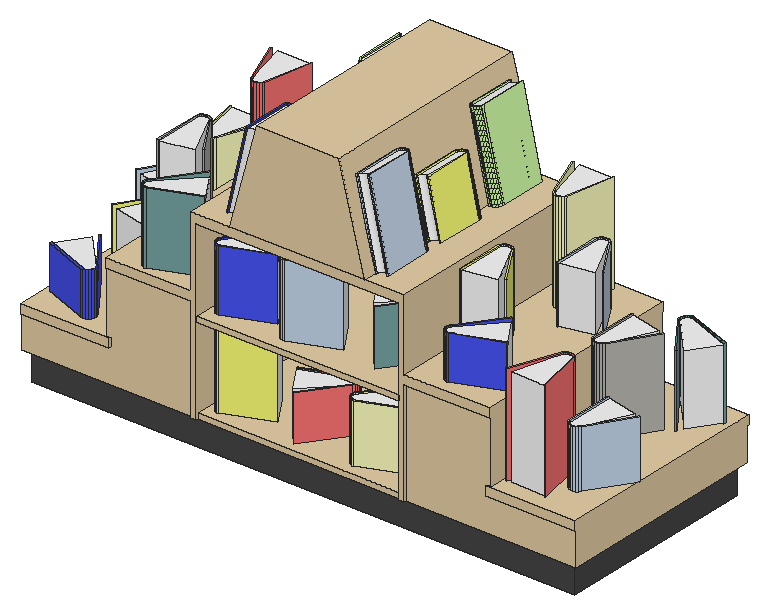
Revit family
Parameters
  Depth = 2' - 0"
  Height = 3' - 0"
  Width = 2' - 6"
  Bookcase Construction = Wood - Pine
  Baseboard = Baseboard
Reference planes (in)
  plane 1: z = 0
  plane 2 "Center (Left/Right)": x = -1.2623
  plane 3 "Left": x = -23.2623
  plane 4 "Right": x = 20.7377
  plane 5 "Front": y = -6
  plane 6 "Top": z = 36
  plane 7: y = 9
  plane 8: y = -21
  plane 9: through (-10.7623, -180, 30) normal (-0.9659, 0, 0.2588)
  plane 10: through (8.2377, -180, 30) normal (-0.9659, 0, -0.2588)
  plane 11: z = 17.125
  plane 12: z = 4.75
Forms (in)
  Extrusion 1, solid, material "Wood - Pine" <- "Bookcase Construction"
    sketch origin (0, -6, 0) x (1, 0, 0) y (0, 0, 1)
      loop
        line (-40.2623, 0) -> (37.7377, 0) -> (37.7377, 10) -> (25.7377, 10) -> (25.7377, 20) -> (13.7377, 20) -> (13.7377, 30) -> (-16.2623, 30) -> (-16.2623, 20) -> (-28.2623, 20) -> (-28.2623, 10) -> (-40.2623, 10) -> (-40.2623, 0)
    from -15 to 15
  Extrusion 2, void
    sketch origin (0, -21, 0) x (1, 0, 0) y (0, 0, 1)
      loop
        line (-15.5123, 28.75) -> (-15.5123, 4.75) -> (12.9877, 4.75) -> (12.9877, 28.75) -> (-15.5123, 28.75)
    from 0 to -30
  Sweep 3, void
    path origin (-37.2623, -6, 0) x (0, -1, 0) y (1, 0, 0)
      loop
        line (-15, 75) -> (-15, -3) -> (15, -3) -> (15, 75) -> (-15, 75)
    profile origin (37.7377, -6, 0) x (1, 0, 0) y (0, 0, 1)
      loop
        line (0, 0) -> (0, 4) -> (-1, 4) -> (-1, 0) -> (0, 0)
  Sweep 4, solid, material "Baseboard" <- "Baseboard"
    path origin (-37.2623, -6, 0) x (0, -1, 0) y (1, 0, 0)
      loop
        line (14, -2) -> (14, 74) -> (-14, 74) -> (-14, -2) -> (14, -2)
    profile origin (-39.2623, -6, 0) x (-1, 0, 0) y (0, 0, 1)
      loop
        line (0, 0) -> (0.25, 0) -> (0.25, 4) -> (0, 4) -> (0, 0)
  Extrusion 5, solid, material "Wood - Pine" <- "Bookcase Construction"
    sketch origin (0, -21, 0) x (1, 0, 0) y (0, 0, 1)
      loop
        line (-15.5123, 28.75) -> (12.9877, 28.75) -> (12.9877, 4) -> (13.7377, 4) -> (13.7377, 18.75) -> (25.7377, 18.75) -> (25.7377, 20) -> (13.7377, 20) -> (13.7377, 30) -> (-16.2623, 30) -> (-16.2623, 20) -> (-28.2623, 20) -> (-28.2623, 18.75) -> (-16.2623, 18.75) -> (-16.2623, 4) -> (-15.5123, 4) -> (-15.5123, 28.75)
      loop
        line (-40.2623, 10) -> (-40.2623, 8.75) -> (-27.7623, 8.75) -> (-27.7623, 10) -> (-40.2623, 10)
      loop
        line (37.7377, 10) -> (25.2377, 10) -> (25.2377, 8.75) -> (37.7377, 8.75) -> (37.7377, 10)
    from 0 to 0.25
  Extrusion 6, solid, material "Wood - Pine" <- "Bookcase Construction"
    sketch origin (0, 9, 0) x (1, 0, 0) y (0, 0, -1)
      loop
        line (-15.5123, -28.75) -> (-15.5123, -4) -> (-16.2623, -4) -> (-16.2623, -18.75) -> (-28.2623, -18.75) -> (-28.2623, -20) -> (-16.2623, -20) -> (-16.2623, -30) -> (13.7377, -30) -> (13.7377, -20) -> (25.7377, -20) -> (25.7377, -18.75) -> (13.7377, -18.75) -> (13.7377, -4) -> (12.9877, -4) -> (12.9877, -28.75) -> (-15.5123, -28.75)
      loop
        line (-40.2623, -10) -> (-27.7623, -10) -> (-27.7623, -8.75) -> (-40.2623, -8.75) -> (-40.2623, -10)
      loop
        line (37.7377, -10) -> (37.7377, -8.75) -> (25.2377, -8.75) -> (25.2377, -10) -> (37.7377, -10)
    from 0 to 0.25
  Extrusion 7, solid, material "Wood - Pine"
    sketch origin (0, -21, 0) x (1, 0, 0) y (0, 0, 1)
      loop
        line (-15.5123, 16.375) -> (12.9877, 16.375) -> (12.9877, 17.125) -> (-15.5123, 17.125) -> (-15.5123, 16.375)
    from -30.25 to 0.25
  Extrusion 8, solid, material "Wood - Pine"
    sketch origin (0, -21, 18) x (1, 0, 0) y (0, 0, 1)
      loop
        line (-7.01101, 26) -> (-10.7623, 12) -> (8.2377, 12) -> (4.48642, 26) -> (-7.01101, 26)
    from -30.25 to 0.25
Cuts and joins
  Extrusion 2, Sweep 3 cuts Extrusion 1
  joined: Extrusion 1, Extrusion 5, Extrusion 6
Dimensions and locks (in)
  equal spacing: plane 3 "Left", plane 2 "Center (Left/Right)", plane 4 "Right"
  "Height": level to plane 6 "Top"
  "Width": plane 7 to plane 8
  equal spacing: plane 7, plane 5 "Front", plane 8
  aligned and locked: plane 7 to Extrusion 1
  aligned and locked: plane 8 to Extrusion 1
  aligned and locked: cut or joined group of Extrusion 1, Extrusion 2, Sweep 3, Extrusion 5, Extrusion 6 to Extrusion 7  (x2)
Automatic sketch dimensions
  Extrusion 1 sketch curve to level = 0' - 0"
  plane 3 "Left" to Extrusion 1 sketch curve = 1' - 5"
  plane 3 "Left" to Extrusion 1 sketch curve = 0' - 5"
  Extrusion 1 sketch curve to plane 3 "Left" = 0' - 7"
  plane 4 "Right" to Extrusion 1 sketch curve = 0' - 7"
  Extrusion 1 sketch curve to plane 4 "Right" = 0' - 5"
  Extrusion 1 sketch curve to Extrusion 1 sketch curve = 1' - 0"
  Extrusion 1 sketch curve to Extrusion 1 sketch curve = 0' - 10"  (x3)
  level to Extrusion 1 sketch curve = 0' - 10"
  plane 6 "Top" to Extrusion 1 sketch curve = 0' - 6"
  Extrusion 2 sketch curve to Extrusion 1 = 0' - 0 3/4"  (x2)
  Extrusion 2 sketch curve to Extrusion 1 = 0' - 4 3/4"
  Extrusion 2 sketch curve to Extrusion 1 = 0' - 1 1/4"
  Sweep 3 sketch curve to Extrusion 1 = 0' - 0"  (x4)
  Sweep 3 sketch curve to profile plane = 0' - 0"  (x2)
  profile plane to Sweep 3 sketch curve = 0' - 1"
  profile plane to Sweep 3 sketch curve = 0' - 4"
  Sweep 4 sketch curve to Extrusion 1 = 0' - 1"  (x4)
  Sweep 4 sketch curve to profile plane = 0' - 0"  (x2)
  Sweep 4 sketch curve to profile plane = 0' - 0 1/4"
  profile plane to Sweep 4 sketch curve = 0' - 4"
  Extrusion 5 sketch curve to Extrusion 1 = 0' - 0"  (x13)
  Extrusion 5 sketch curve to Extrusion 1 = 0' - 0 1/2"  (x2)
  Extrusion 5 sketch curve to Extrusion 1 = 0' - 0 3/4"  (x2)
  Extrusion 5 sketch curve to Extrusion 5 sketch curve = 0' - 1 1/4"  (x4)
  Extrusion 5 sketch curve to Extrusion 1 = 0' - 4"  (x2)
  Extrusion 5 sketch curve to Extrusion 1 = 0' - 1 1/4"
  plane 3 "Left" to Extrusion 6 sketch curve = 1' - 5"
  plane 3 "Left" to Extrusion 6 sketch curve = 0' - 5"
  plane 3 "Left" to Extrusion 6 sketch curve = 0' - 4 1/2"
  Extrusion 6 sketch curve to plane 3 "Left" = 0' - 7"
  Extrusion 6 sketch curve to Extrusion 6 sketch curve = 0' - 0"
  Extrusion 6 sketch curve to Extrusion 6 sketch curve = 0' - 0 3/4"  (x3)
  plane 4 "Right" to Extrusion 6 sketch curve = 0' - 7 3/4"
  Extrusion 6 sketch curve to plane 4 "Right" = 0' - 4 1/2"
  Extrusion 6 sketch curve to plane 4 "Right" = 0' - 5"
  Extrusion 6 sketch curve to Extrusion 6 sketch curve = 1' - 0 1/2"
  plane 6 "Top" to Extrusion 6 sketch curve = 0' - 6"
  Extrusion 6 sketch curve to Extrusion 6 sketch curve = 0' - 1 1/4"  (x5)
  Extrusion 6 sketch curve to Extrusion 6 sketch curve = 0' - 8 3/4"  (x3)
  level to Extrusion 6 sketch curve = 0' - 10"
  level to Extrusion 6 sketch curve = 0' - 4"  (x2)
  Extrusion 7 sketch curve to Extrusion 1 = 0' - 0 3/4"  (x2)
  Extrusion 7 sketch curve to Extrusion 1 = 0' - 3 5/8"
  Extrusion 7 sketch curve to Extrusion 7 sketch curve = 0' - 0 3/4"
  Extrusion 8 sketch curve to Extrusion 1 = 0' - 0"
  Extrusion 8 sketch curve to Extrusion 1 = 0' - 5 1/2"  (x2)
  Extrusion 8 sketch curve to Extrusion 1 = 0' - 9.25129"  (x2)
  Extrusion 1 to Extrusion 8 sketch curve = 1' - 2"
Nested families (in)
  nested 1: "NT Book-Open" at (29.56431, -11.77935, 10) x (-0.0752, 0.9972, 0) z (0, 0, 1), type "NT Book-Open"
    with Book Height 1' - 2", Book Cover Book Cover 6
  nested 2: "NT Book-Open" at (27.89313, -5.49147, 10) x (-0.1219, -0.9925, 0) z (0, 0, 1), type "NT Book-Open"
    with Book Height 1' - 0", Book Cover Book Cover 3
  nested 3: "NT Book-Open" at (29.61716, 8.02244, 10) x (-0.8841, 0.4674, 0) z (0, 0, 1), type "NT Book-Open"
    with Book Height 0' - 10", Book Cover Book Cover
  nested 4: "NT Book-Open" at (33.04033, -16.1587, 10) x (-0.1219, -0.9925, 0) z (0, 0, 1), type "NT Book-Open"
    with Book Height 0' - 8", Book Cover Book Cover 2
  nested 5: "NT Book-Tilted-12" at (-10.7623, 0, 30) x (0, -1, 0) z (0, 0, 1), type "NT Book-Tilted-12"
    with Book Height 1' - 0", Book Cover Book Cover 4, Book Angle 90.00°
  nested 6: "NT Book-Tilted-12" at (-10.7623, -12, 30) x (0, 1, 0) z (0, 0, 1), type "NT Book-Tilted-12"
    with Book Height 1' - 0", Book Cover Book Cover 7, Book Angle 90.00°
  nested 7: "NT Book-Tilted-8" at (-10.7623, -2.75, 30) x (0, 1, 0) z (0, 0, 1), type "NT Book-Tilted-8"
  nested 8: "NT Book-Tilted-12" at (8.2377, 0, 30) x (0, -1, 0) z (0, 0, 1), type "NT Book-Tilted-12"
    with Book Height 1' - 0", Book Cover Book Cover 4, Book Angle 90.00°
  nested 9: "NT Book-Tilted-12" at (8.2377, -12, 30) x (0, 1, 0) z (0, 0, 1), type "NT Book-Tilted-12"
    with Book Height 1' - 0", Book Cover Book Cover 2, Book Angle 90.00°
  nested 10: "NT Book-Tilted-8" at (8.2377, -2.75, 30) x (0, 1, 0) z (0, 0, 1), type "NT Book-Tilted-8"
    with Book Height 0' - 8", Book Cover Book Cover 8, Book Angle 90.00°
  nested 11: "NT Book-Open" at (-24.42826, 0.05846, 20) x (-0.0752, -0.9972, 0) z (0, 0, 1), type "NT Book-Open"
    with Book Height 1' - 2", Book Cover Book Cover 6
  nested 12: "NT Book-Open" at (-26.09944, -6.22943, 20) x (-0.1219, 0.9925, 0) z (0, 0, 1), type "NT Book-Open"
    with Book Height 1' - 0", Book Cover Book Cover 3
  nested 13: "NT Book-Open" at (-24.37541, -19.74334, 20) x (-0.8841, -0.4674, 0) z (0, 0, 1), type "NT Book-Open"
    with Book Height 0' - 10", Book Cover Book Cover
  nested 14: "NT Book-Open" at (-20.95224, 4.43781, 20) x (-0.1219, 0.9925, 0) z (0, 0, 1), type "NT Book-Open"
    with Book Height 0' - 8", Book Cover Book Cover 2
  nested 15: "NT Book-Open" at (17.44915, 0.85003, 20) x (-0.0752, -0.9972, 0) z (0, 0, 1), type "NT Book-Open"
    with Book Height 1' - 2", Book Cover Book Cover 5
  nested 16: "NT Book-Open" at (15.77797, -5.43786, 20) x (-0.1219, 0.9925, 0) z (0, 0, 1), type "NT Book-Open"
    with Book Height 0' - 10", Book Cover Book Cover 8
  nested 17: "NT Book-Open" at (17.502, -18.95177, 20) x (-0.8841, -0.4674, 0) z (0, 0, 1), type "NT Book-Open"
    with Book Height 0' - 6", Book Cover Book Cover 7
  nested 18: "NT Book-Open" at (20.92517, 5.22938, 20) x (-0.1219, 0.9925, 0) z (0, 0, 1), type "NT Book-Open"
    with Book Height 0' - 8", Book Cover Book Cover 2
  nested 19: "NT Book-Open" at (-31.97374, 0.85003, 10) x (0.0752, -0.9972, 0) z (0, 0, 1), type "NT Book-Open"
    with Book Height 1' - 2", Book Cover Book Cover 5
  nested 20: "NT Book-Open" at (-30.30256, -5.43786, 10) x (0.1219, 0.9925, 0) z (0, 0, 1), type "NT Book-Open"
    with Book Height 0' - 10", Book Cover Book Cover 8
  nested 21: "NT Book-Open" at (-32.02659, -18.95177, 10) x (0.8841, -0.4674, 0) z (0, 0, 1), type "NT Book-Open"
    with Book Height 0' - 6", Book Cover Book Cover 7
  nested 22: "NT Book-Open" at (-35.44976, 5.22938, 10) x (0.1219, 0.9925, 0) z (0, 0, 1), type "NT Book-Open"
    with Book Height 0' - 8", Book Cover Book Cover 2
  nested 23: "NT Book-Open" at (11.30713, -11.5888, 17.125) x (0.8841, 0.4674, 0) z (0, 0, 1), type "NT Book-Open"
    with Book Height 0' - 7 183/256", Book Cover Book Cover
  nested 24: "NT Book-Open" at (-5.52011, -18.95177, 17.125) x (-0.8841, -0.4674, 0) z (0, 0, 1), type "NT Book-Open"
    with Book Height 0' - 9.98514", Book Cover Book Cover 2
  nested 25: "NT Book-Open" at (-14.77011, -18.95177, 17.125) x (-0.8841, -0.4674, 0) z (0, 0, 1), type "NT Book-Open"
    with Book Height 0' - 8.54544", Book Cover Book Cover 7
  nested 26: "NT Book-Open" at (-14.77011, -18.95177, 4.75) x (-0.8841, -0.4674, 0) z (0, 0, 1), type "NT Book-Open"
    with Book Height 0' - 11.064", Book Cover Book Cover 8
  nested 27: "NT Book-Open" at (1.10081, -13.07392, 4.75) x (0.8841, 0.4674, 0) z (0, 0, 1), type "NT Book-Open"
    with Book Height 0' - 6.3019", Book Cover Book Cover 6
  nested 28: "NT Book-Open" at (4.22989, -18.95177, 4.75) x (-0.8841, -0.4674, 0) z (0, 0, 1), type "NT Book-Open"
    with Book Height 0' - 8.12922", Book Cover Book Cover 5
  nested 29: "NT Book-Open" at (11.30713, -0.4112, 17.125) x (0.8841, -0.4674, 0) z (0, 0, 1), type "NT Book-Open"
    with Book Height 0' - 7 183/256", Book Cover Book Cover
  nested 30: "NT Book-Open" at (-5.52011, 6.95177, 17.125) x (-0.8841, 0.4674, 0) z (0, 0, 1), type "NT Book-Open"
    with Book Height 0' - 9.98514", Book Cover Book Cover 2
  nested 31: "NT Book-Open" at (-14.77011, 6.95177, 17.125) x (-0.8841, 0.4674, 0) z (0, 0, 1), type "NT Book-Open"
    with Book Height 0' - 8.54544", Book Cover Book Cover 7
  nested 32: "NT Book-Open" at (-14.77011, 6.95177, 4.75) x (-0.8841, 0.4674, 0) z (0, 0, 1), type "NT Book-Open"
    with Book Height 0' - 11.064", Book Cover Book Cover 8
  nested 33: "NT Book-Open" at (1.10081, 1.07392, 4.75) x (0.8841, -0.4674, 0) z (0, 0, 1), type "NT Book-Open"
    with Book Height 0' - 6.3019", Book Cover Book Cover 6
  nested 34: "NT Book-Open" at (4.22989, 6.95177, 4.75) x (-0.8841, 0.4674, 0) z (0, 0, 1), type "NT Book-Open"
    with Book Height 0' - 8.12922", Book Cover Book Cover 5
Definition of nested family "NT Book-Open"
  Parameters
    Book Height [instance] = 0' - 9.87284"
    Book Cover [instance] = Book Cover
  Reference planes (in)
    plane 1 "Center F/B": y = 0
    plane 2: z = 0
    plane 3 "Center L/R": x = 0
    plane 4 "Book Sheets": z = 9.87284
    plane 5 "Book Edge": through (-7.09022, 2.04152, 48) normal (0.9945, -0.1045, 0)
  Forms (in)
    Extrusion 1, solid, material "Book Cover" <- "Book Cover"
      sketch origin (0, 0, 0) x (1, 0, 0) y (0, 1, 0)
        loop
          line (-0.70347, 1.05514) -> (-6.74765, 3.94709) -> (-6.83104, 3.77281) -> (-0.7129, 0.84547) -> (-0.46308, 0.7005) -> (-0.3, 0.5472) -> (-0.18, 0.2964) -> (-0.138, 0) -> (-0.18, -0.2976) -> (-0.3, -0.5484) -> (-0.48, -0.7164) -> (-0.6912, -0.7752) -> (-7.42253, -1.60591) -> (-7.39872, -1.79885) -> (-0.70078, -0.97226) -> (-0.4272, -0.8964) -> (-0.2028, -0.6852) -> (-0.0528, -0.3708) -> (0, 0) -> (-0.0528, 0.3708) -> (-0.2028, 0.6852) -> (-0.4272, 0.8952) -> (-0.70347, 1.05514)
      from 0 to 9.9996
    Extrusion 2, solid, material "Book Sheets"
      sketch origin (0, 0, 0) x (1, 0, 0) y (0, 1, 0)
        loop
          arc (-6.98974, 2.99751) -> (-7.14998, 0.69005) -> (-7.42636, -1.60638) r 45.85304
          line (-7.42636, -1.60638) -> (-0.6912, -0.7752) -> (-0.48, -0.7164) -> (-0.3, -0.5484) -> (-0.18, -0.2976) -> (-0.138, 0) -> (-0.18, 0.2964) -> (-0.3, 0.5472) -> (-0.48, 0.7164) -> (-0.6912, 0.7752) -> (-6.98974, 2.99751)
      from 0.1428 to 9.87284
  Lines and regions (in)
    symbolic lines, style "InvisibleLines"
      curve 1: line (-8, 0, 0) -> (8, 0, 0)
      curve 2: line (0, -8, 0) -> (0, 9, 0)
    model lines
      curve 3: line (-7.09936, 1.26184, 9.87284) -> (-0.3, 0.5472, 9.87284)
      curve 4: line (-0.138, 0, 9.87284) -> (-7.17342, 0.44963, 9.87284)
      curve 5: line (-7.26016, -0.40046, 9.87284) -> (-0.14931, -0.27634, 9.87284)
      curve 6: line (-0.5856, -0.7458, 9.87284) -> (-7.3227, -0.98106, 9.87284)
      curve 7: line (-7.13707, 1.59578, 9.87284) -> (-7.13707, 1.59578, 0.19002)
      curve 8: line (-7.17763, 1.20989, 9.87284) -> (-7.17763, 1.20989, 0.19002)
      curve 9: line (-7.26684, 0.36111, 9.87284) -> (-7.26684, 0.36111, 0.19002)
      curve 10: line (-7.32753, -0.21631, 9.87284) -> (-7.32753, -0.21631, 0.19002)
      curve 11: line (-7.03035, 2.22527, 9.87284) -> (-0.3, 0.5472, 9.87284)
      curve 12: line (-7.06929, 2.24067, 9.87284) -> (-7.06929, 2.24067, 0.15765)
      curve 13: line (-7.43976, -1.28414, 9.858) -> (-7.43976, -1.28414, 0.17286)
      curve 14: line (-7.4057, -0.96004, 9.858) -> (-7.4057, -0.96004, 0.17286)
  Dimensions and locks (in)
    locked: Extrusion 1 to plane 4 "Book Sheets" at 0.12676
    "Book Height": plane 4 "Book Sheets" to plane 2
    aligned and locked: Extrusion 2 to plane 4 "Book Sheets"
  Automatic sketch dimensions
    curve 1 to plane 1 "Center F/B" = 0' - 0"
    curve 2 to plane 3 "Center L/R" = 0' - 0"
    curve 1 to plane 3 "Center L/R" = 0' - 8"
    plane 3 "Center L/R" to curve 1 = 0' - 8"
    plane 1 "Center F/B" to curve 2 = 0' - 8"
    curve 2 to plane 1 "Center F/B" = 0' - 9"
    Extrusion 1 sketch curve to plane 1 "Center F/B" = 0' - 0"  (x2)
    Extrusion 1 sketch curve to plane 3 "Center L/R" = 0' - 0"
    Extrusion 1 sketch curve to plane 3 "Center L/R" = 0' - 0.0528"  (x2)
    Extrusion 1 sketch curve to plane 3 "Center L/R" = 0' - 0.138"
    Extrusion 1 sketch curve to Extrusion 1 sketch curve = 0' - 0.1272"  (x2)
    Extrusion 1 sketch curve to plane 3 "Center L/R" = 0' - 0.2028"  (x2)
    Extrusion 1 sketch curve to Extrusion 1 sketch curve = 0' - 0.0972"  (x2)
    Extrusion 1 sketch curve to Extrusion 1 sketch curve = 0' - 0.2244"  (x2)
    Extrusion 1 sketch curve to Extrusion 1 sketch curve = 0' - 0.03588"
    Extrusion 1 sketch curve to Extrusion 1 sketch curve = 0' - 0.0528"
    Extrusion 1 sketch curve to Extrusion 1 sketch curve = 0' - 0.2112"
    Extrusion 1 sketch curve to Extrusion 1 sketch curve = 0' - 0.00958"
    Extrusion 1 sketch curve to Extrusion 1 sketch curve = 0' - 0.27627"
    Extrusion 1 sketch curve to Extrusion 1 sketch curve = 0' - 0.00942"
    Extrusion 1 sketch curve to plane 1 "Center F/B" = 0' - 3.94709"
    Extrusion 1 sketch curve to Extrusion 1 sketch curve = 0' - 6.04418"
    Extrusion 1 sketch curve to plane 1 "Center F/B" = 0' - 3.77281"
    Extrusion 1 sketch curve to Extrusion 1 sketch curve = 0' - 0.08339"
    plane 1 "Center F/B" to Extrusion 1 sketch curve = 0' - 1.79885"
    Extrusion 1 sketch curve to Extrusion 1 sketch curve = 0' - 0.56769"
    plane 1 "Center F/B" to Extrusion 1 sketch curve = 0' - 1.60591"
    Extrusion 1 sketch curve to Extrusion 1 sketch curve = 0' - 0.02381"
    Extrusion 1 sketch curve to Extrusion 1 sketch curve = 0' - 0.07586"
    Extrusion 1 sketch curve to Extrusion 1 sketch curve = 0' - 0.18"
    Extrusion 1 sketch curve to Extrusion 1 sketch curve = 0' - 0.0312"
    Extrusion 1 sketch curve to Extrusion 1 sketch curve = 0' - 0.1368"
    Extrusion 1 sketch curve to Extrusion 1 sketch curve = 0' - 0.1776"
    Extrusion 1 sketch curve to Extrusion 1 sketch curve = 0' - 0.0732"
    Extrusion 1 sketch curve to plane 1 "Center F/B" = 0' - 0.2964"
    Extrusion 1 sketch curve to Extrusion 1 sketch curve = 0' - 0.0744"
    Extrusion 1 sketch curve to Extrusion 1 sketch curve = 0' - 0.2508"
    Extrusion 1 sketch curve to Extrusion 1 sketch curve = 0' - 0.138"
    Extrusion 1 sketch curve to Extrusion 1 sketch curve = 0' - 0.1533"
    Extrusion 1 sketch curve to Extrusion 1 sketch curve = 0' - 0.1947"
    Extrusion 2 sketch curve to plane 5 "Book Edge" = 0' - 0"
    Extrusion 2 sketch curve to plane 1 "Center F/B" = 0' - 0"
    Extrusion 2 sketch curve to plane 1 "Center F/B" = 0' - 5.01919"
    Extrusion 2 sketch curve to plane 3 "Center L/R" = 4' - 4.7982"
    plane 1 "Center F/B" to Extrusion 2 sketch curve = 0' - 1.60638"
    Extrusion 2 sketch curve to plane 3 "Center L/R" = 0' - 7.42636"
    Extrusion 2 sketch curve to plane 3 "Center L/R" = 0' - 0.6912"  (x2)
    Extrusion 2 sketch curve to Extrusion 2 sketch curve = 0' - 0.2112"  (x2)
    Extrusion 2 sketch curve to Extrusion 2 sketch curve = 0' - 0.18"  (x2)
    Extrusion 2 sketch curve to plane 3 "Center L/R" = 0' - 0.18"  (x2)
    Extrusion 2 sketch curve to plane 3 "Center L/R" = 0' - 0.138"
    plane 1 "Center F/B" to Extrusion 2 sketch curve = 0' - 0.7752"
    Extrusion 2 sketch curve to Extrusion 2 sketch curve = 0' - 0.0588"  (x2)
    Extrusion 2 sketch curve to Extrusion 2 sketch curve = 0' - 0.168"
    Extrusion 2 sketch curve to Extrusion 2 sketch curve = 0' - 0.2508"  (x2)
    Extrusion 2 sketch curve to plane 1 "Center F/B" = 0' - 0.2964"
    Extrusion 2 sketch curve to Extrusion 2 sketch curve = 0' - 0.1692"
    curve 4 to plane 1 "Center F/B" = 0' - 0"
    curve 4 to plane 1 "Center F/B" = 0' - 0.44963"
    curve 11 to plane 1 "Center F/B" = 0' - 0.5472"
    curve 3 to curve 4 = 0' - 0.81221"
    curve 11 to curve 3 = 0' - 0.96342"
    plane 1 "Center F/B" to curve 5 = 0' - 0.27634"
    plane 1 "Center F/B" to curve 5 = 0' - 0.40046"
    curve 5 to curve 6 = 0' - 0.46946"
    curve 5 to curve 6 = 0' - 0.58061"
    curve 6 to plane 3 "Center L/R" = 0' - 7.3227"
    curve 6 to curve 5 = 0' - 0.06253"
    curve 5 to curve 4 = 0' - 0.08675"
    curve 4 to curve 3 = 0' - 0.07406"
    curve 3 to curve 11 = 0' - 0.069"
    curve 6 to plane 3 "Center L/R" = 0' - 0.5856"
    curve 11 to plane 3 "Center L/R" = 0' - 0.3"
    curve 5 to plane 3 "Center L/R" = 0' - 0.14931"
    curve 4 to plane 3 "Center L/R" = 0' - 0.138"
    curve 10 to plane 4 "Book Sheets" = 0' - 0"
    curve 9 to plane 4 "Book Sheets" = 0' - 0"
    curve 8 to plane 4 "Book Sheets" = 0' - 0"
    curve 7 to plane 4 "Book Sheets" = 0' - 0"
    curve 12 to plane 4 "Book Sheets" = 0' - 0"
    level to curve 13 = 0' - 0.17286"
    plane 4 "Book Sheets" to curve 14 = 0' - 0.01484"
    curve 13 to curve 14 = 0' - 0.32589"
    level to curve 10 = 0' - 0.19002"
    curve 14 to curve 10 = 0' - 0.74782"
    curve 10 to curve 9 = 0' - 0.58061"
    level to curve 8 = 0' - 0.19002"
    curve 9 to curve 8 = 0' - 0.85345"
    level to curve 7 = 0' - 0.19002"
    curve 8 to curve 7 = 0' - 0.38802"
    level to curve 12 = 0' - 0.15765"
    curve 7 to curve 12 = 0' - 0 83/128"
    level to curve 14 = 0' - 0.17286"
    level to curve 9 = 0' - 0.19002"
    plane 4 "Book Sheets" to curve 13 = 0' - 0.01484"
Definition of nested family "NT Book-Tilted-12"
  Parameters
    Book Height [instance] = 1' - 0"
    Book Cover [instance] = none
    Book Angle [instance] = 90.00°
  Reference planes (in)
    plane 1 "Center F/B": y = 0
    plane 2: z = 0
    plane 3 "Center L/R": x = 0
    plane 4 "Book Sheets": z = 9.87284
    plane 5 "Book Edge": x = -7.03607
    plane 6 "Book Edge 2": through (-7.02044, -1.24474, 48) normal (0.8306, -0.5569, 0)
    plane 7 "Top Book Edge": through (0, 1.62182, 11.94122) normal (0, -0.225, -0.9744)
    plane 8 "Top Book Edge2": through (0, 3.11287, 11.46653) normal (0, -0.225, -0.9744)
  Forms (in)
    Extrusion 1, solid, material <- "Book Cover"
      sketch origin (0, -0.94358, 0.21784) x (1, 0, 0) y (0, 0.97437, -0.224951)
        loop
          line (-0.6912, 0.9684) -> (-7.4736, 0.9684) -> (-7.4736, 0.7752) -> (-0.6912, 0.7752) -> (-0.48, 0.7164) -> (-0.3, 0.5472) -> (-0.18, 0.2964) -> (-0.138, 0) -> (-0.18, -0.2976) -> (-0.3, -0.5484) -> (-0.48, -0.7164) -> (-0.6912, -0.7752) -> (-7.4736, -0.7752) -> (-7.4736, -0.9696) -> (-0.6912, -0.9696) -> (-0.4272, -0.8964) -> (-0.2028, -0.6852) -> (-0.0528, -0.3708) -> (0, 0) -> (-0.0528, 0.3708) -> (-0.2028, 0.6852) -> (-0.4272, 0.8952) -> (-0.6912, 0.9684)
      from 0 to 12
    Extrusion 2, solid, material "Book Sheets"
      sketch origin (0, -0.94358, 0.21784) x (1, 0, 0) y (0, 0.97437, -0.224951)
        loop
          arc (-7.4736, 0.7752) -> (-6.97435, 0) -> (-7.4736, -0.7752) r 0.85147
          line (-7.4736, -0.7752) -> (-0.6912, -0.7752) -> (-0.48, -0.7164) -> (-0.3, -0.5484) -> (-0.18, -0.2976) -> (-0.138, 0) -> (-0.18, 0.2964) -> (-0.3, 0.5472) -> (-0.48, 0.7164) -> (-0.6912, 0.7752) -> (-7.4736, 0.7752)
      from 0.1428 to 11.87324
  Lines and regions (in)
    symbolic lines, style "InvisibleLines"
      curve 1: line (-8, 0, 0) -> (8, 0, 0)
      curve 2: line (0, -8, 0) -> (0, 9, 0)
    model lines
      curve 3: line (-7.0183, 1.46414, 11.84717) -> (-0.46464, 1.46414, 11.84717)
      curve 4: line (-7.02005, 1.99539, 11.72452) -> (-0.21464, 1.99539, 11.72452)
      curve 5: line (-7.03607, 2.01612, 11.7201) -> (-7.03607, -0.62265, 0.29031)
      curve 6: line (-7.03607, 1.43735, 11.85372) -> (-7.03607, -1.20143, 0.42393)
  Dimensions and locks (in)
    locked: Extrusion 1 to Extrusion 2 at 0.1428
    "Book Height": Extrusion 1 to Extrusion 1
    locked: Extrusion 1 to Extrusion 2 at 0.12676
    aligned and locked: Extrusion 2 to Extrusion 1
    aligned and locked: level to Extrusion 1
    aligned: curve 6 to Extrusion 2  (x3)
  Automatic sketch dimensions
    curve 1 to plane 1 "Center F/B" = 0' - 0"
    curve 2 to plane 3 "Center L/R" = 0' - 0"
    curve 1 to plane 5 "Book Edge" = 0' - 0.96393"
    plane 3 "Center L/R" to curve 1 = 0' - 8"
    plane 1 "Center F/B" to curve 2 = 0' - 8"
    curve 2 to plane 1 "Center F/B" = 0' - 9"
    Extrusion 1 sketch curve to plane 3 "Center L/R" = 0' - 0"
    Extrusion 1 sketch curve to plane 3 "Center L/R" = 0' - 0.0528"  (x2)
    Extrusion 1 sketch curve to plane 3 "Center L/R" = 0' - 0.138"
    Extrusion 1 sketch curve to Extrusion 1 sketch curve = 0' - 0.1272"  (x2)
    Extrusion 1 sketch curve to plane 3 "Center L/R" = 0' - 0.2028"  (x2)
    Extrusion 1 sketch curve to Extrusion 1 sketch curve = 0' - 0.0972"  (x2)
    Extrusion 1 sketch curve to Extrusion 1 sketch curve = 0' - 0.2244"  (x2)
    Extrusion 1 sketch curve to Extrusion 1 sketch curve = 0' - 0.0528"  (x2)
    Extrusion 1 sketch curve to Extrusion 1 sketch curve = 0' - 0.264"
    Extrusion 1 sketch curve to Extrusion 1 sketch curve = 0' - 0.2112"
    Extrusion 1 sketch curve to Extrusion 1 sketch curve = 0' - 0"  (x3)
    Extrusion 1 sketch curve to plane 5 "Book Edge" = 0' - 0.43753"  (x2)
    Extrusion 1 sketch curve to Extrusion 1 sketch curve = 0' - 0.0732"  (x2)
    Extrusion 1 sketch curve to Extrusion 1 sketch curve = 0' - 0.1944"
    Extrusion 1 sketch curve to Extrusion 1 sketch curve = 0' - 0.18"
    Extrusion 1 sketch curve to Extrusion 1 sketch curve = 0' - 0.0312"
    Extrusion 1 sketch curve to Extrusion 1 sketch curve = 0' - 0.1368"
    Extrusion 1 sketch curve to Extrusion 1 sketch curve = 0' - 0.1776"
    Extrusion 1 sketch curve to Extrusion 1 sketch curve = 0' - 0.2976"
    Extrusion 1 sketch curve to Extrusion 1 sketch curve = 0' - 0.2964"
    Extrusion 1 sketch curve to Extrusion 1 sketch curve = 0' - 0.0744"
    Extrusion 1 sketch curve to Extrusion 1 sketch curve = 0' - 0.2508"
    Extrusion 1 sketch curve to Extrusion 1 sketch curve = 0' - 0.138"
    Extrusion 1 sketch curve to Extrusion 1 sketch curve = 0' - 0.1692"
    Extrusion 1 sketch curve to Extrusion 1 sketch curve = 0' - 0.0588"
    Extrusion 1 sketch curve to Extrusion 1 sketch curve = 0' - 0.1788"
    Extrusion 1 sketch curve to Extrusion 1 sketch curve = 0' - 0.1932"
    Extrusion 2 sketch curve to plane 5 "Book Edge" = 0' - 0.78975"
    Extrusion 2 sketch curve to plane 5 "Book Edge" = 0' - 0.43753"  (x2)
    Extrusion 2 sketch curve to plane 3 "Center L/R" = 0' - 0.6912"  (x2)
    Extrusion 2 sketch curve to Extrusion 2 sketch curve = 0' - 0.2112"  (x2)
    Extrusion 2 sketch curve to Extrusion 2 sketch curve = 0' - 0.18"  (x2)
    Extrusion 2 sketch curve to plane 3 "Center L/R" = 0' - 0.18"  (x2)
    Extrusion 2 sketch curve to plane 3 "Center L/R" = 0' - 0.138"
    Extrusion 2 sketch curve to Extrusion 2 sketch curve = 0' - 0.0588"  (x2)
    Extrusion 2 sketch curve to Extrusion 2 sketch curve = 0' - 0.168"
    Extrusion 2 sketch curve to Extrusion 2 sketch curve = 0' - 0.2508"  (x2)
    Extrusion 2 sketch curve to Extrusion 2 sketch curve = 0' - 0.2976"
    Extrusion 2 sketch curve to Extrusion 2 sketch curve = 0' - 0.7752"
    Extrusion 2 sketch curve to Extrusion 2 sketch curve = 0' - 0.2964"
    plane 5 "Book Edge" to curve 4 = 0' - 0.01601"
    curve 4 to curve 3 = 0' - 0.54521"
    plane 5 "Book Edge" to curve 3 = 0' - 0.01777"
    curve 3 to plane 3 "Center L/R" = 0' - 0.46464"
    curve 4 to plane 3 "Center L/R" = 0' - 0.21464"
    level to curve 6 = 0' - 0.42393"
    plane 1 "Center F/B" to curve 6 = 0' - 1.20143"
    level to curve 5 = 0' - 0.29031"
    curve 6 to curve 5 = 0' - 0.57878"  (x2)
    curve 6 to plane 1 "Center F/B" = 0' - 1.43735"
    curve 5 to plane 4 "Book Sheets" = 0' - 1.84726"
    curve 5 to curve 6 = 0' - 0.13362"
Definition of nested family "NT Book-Tilted-8"
  Parameters
    Book Height [instance] = 0' - 8"
    Book Cover [instance] = none
    Book Angle [instance] = 90.00°
  Reference planes (in)
    plane 1 "Center F/B": y = 0
    plane 2: z = 0
    plane 3 "Center L/R": x = 0
    plane 4 "Book Sheets": z = 9.87284
    plane 5 "Book Edge": x = -7.03607
    plane 6 "Book Edge 2": through (-7.02044, -1.24474, 48) normal (0.8306, -0.5569, 0)
    plane 7 "Top Book Edge2": through (0, 2.21315, 7.5694) normal (0, -0.225, -0.9744)
  Forms (in)
    Extrusion 1, solid, material <- "Book Cover"
      sketch origin (0, -0.94358, 0.21784) x (1, 0, 0) y (0, 0.97437, -0.224951)
        loop
          line (-0.6912, 0.9684) -> (-7.4736, 0.9684) -> (-7.4736, 0.7752) -> (-0.6912, 0.7752) -> (-0.48, 0.7164) -> (-0.3, 0.5472) -> (-0.18, 0.2964) -> (-0.138, 0) -> (-0.18, -0.2976) -> (-0.3, -0.5484) -> (-0.48, -0.7164) -> (-0.6912, -0.7752) -> (-7.4736, -0.7752) -> (-7.4736, -0.9696) -> (-0.6912, -0.9696) -> (-0.4272, -0.8964) -> (-0.2028, -0.6852) -> (-0.0528, -0.3708) -> (0, 0) -> (-0.0528, 0.3708) -> (-0.2028, 0.6852) -> (-0.4272, 0.8952) -> (-0.6912, 0.9684)
      from 0 to 8
    Extrusion 2, solid, material "Book Sheets"
      sketch origin (0, -0.94358, 0.21784) x (1, 0, 0) y (0, 0.97437, -0.224951)
        loop
          arc (-7.4736, 0.7752) -> (-6.97435, 0) -> (-7.4736, -0.7752) r 0.85147
          line (-7.4736, -0.7752) -> (-0.6912, -0.7752) -> (-0.48, -0.7164) -> (-0.3, -0.5484) -> (-0.18, -0.2976) -> (-0.138, 0) -> (-0.18, 0.2964) -> (-0.3, 0.5472) -> (-0.48, 0.7164) -> (-0.6912, 0.7752) -> (-7.4736, 0.7752)
      from 0.1428 to 7.87324
  Lines and regions (in)
    symbolic lines, style "InvisibleLines"
      curve 1: line (-8, 0, 0) -> (8, 0, 0)
      curve 2: line (0, -8, 0) -> (0, 9, 0)
    model lines
      curve 3: line (-7.0183, 0.56442, 7.95004) -> (-0.46464, 0.56442, 7.95004)
      curve 4: line (-7.02005, 1.09566, 7.82739) -> (-0.21464, 1.09566, 7.82739)
      curve 5: line (-7.03607, 1.11632, 7.82262) -> (-7.03607, -0.62265, 0.29031)
      curve 6: line (-7.03607, 0.53754, 7.95624) -> (-7.03607, -1.20143, 0.42393)
  Dimensions and locks (in)
    locked: Extrusion 1 to Extrusion 2 at 0.1428
    "Book Height": Extrusion 1 to Extrusion 1
    locked: Extrusion 1 to Extrusion 2 at 0.12676
    aligned and locked: Extrusion 2 to Extrusion 1
    aligned and locked: level to Extrusion 1
  Automatic sketch dimensions
    curve 1 to plane 1 "Center F/B" = 0' - 0"
    curve 2 to plane 3 "Center L/R" = 0' - 0"
    curve 1 to plane 5 "Book Edge" = 0' - 0.96393"
    plane 3 "Center L/R" to curve 1 = 0' - 8"
    plane 1 "Center F/B" to curve 2 = 0' - 8"
    curve 2 to plane 1 "Center F/B" = 0' - 9"
    Extrusion 1 sketch curve to plane 3 "Center L/R" = 0' - 0"
    Extrusion 1 sketch curve to plane 3 "Center L/R" = 0' - 0.0528"  (x2)
    Extrusion 1 sketch curve to plane 3 "Center L/R" = 0' - 0.138"
    Extrusion 1 sketch curve to Extrusion 1 sketch curve = 0' - 0.1272"  (x2)
    Extrusion 1 sketch curve to plane 3 "Center L/R" = 0' - 0.2028"  (x2)
    Extrusion 1 sketch curve to Extrusion 1 sketch curve = 0' - 0.0972"  (x2)
    Extrusion 1 sketch curve to Extrusion 1 sketch curve = 0' - 0.2244"  (x2)
    Extrusion 1 sketch curve to Extrusion 1 sketch curve = 0' - 0.0528"  (x2)
    Extrusion 1 sketch curve to Extrusion 1 sketch curve = 0' - 0.264"
    Extrusion 1 sketch curve to Extrusion 1 sketch curve = 0' - 0.2112"
    Extrusion 1 sketch curve to Extrusion 1 sketch curve = 0' - 0"  (x3)
    Extrusion 1 sketch curve to plane 5 "Book Edge" = 0' - 0.43753"  (x2)
    Extrusion 1 sketch curve to Extrusion 1 sketch curve = 0' - 0.0732"  (x2)
    Extrusion 1 sketch curve to Extrusion 1 sketch curve = 0' - 0.1944"
    Extrusion 1 sketch curve to Extrusion 1 sketch curve = 0' - 0.18"
    Extrusion 1 sketch curve to Extrusion 1 sketch curve = 0' - 0.0312"
    Extrusion 1 sketch curve to Extrusion 1 sketch curve = 0' - 0.1368"
    Extrusion 1 sketch curve to Extrusion 1 sketch curve = 0' - 0.1776"
    Extrusion 1 sketch curve to Extrusion 1 sketch curve = 0' - 0.2976"
    Extrusion 1 sketch curve to Extrusion 1 sketch curve = 0' - 0.2964"
    Extrusion 1 sketch curve to Extrusion 1 sketch curve = 0' - 0.0744"
    Extrusion 1 sketch curve to Extrusion 1 sketch curve = 0' - 0.2508"
    Extrusion 1 sketch curve to Extrusion 1 sketch curve = 0' - 0.138"
    Extrusion 1 sketch curve to Extrusion 1 sketch curve = 0' - 0.1692"
    Extrusion 1 sketch curve to Extrusion 1 sketch curve = 0' - 0.0588"
    Extrusion 1 sketch curve to Extrusion 1 sketch curve = 0' - 0.1788"
    Extrusion 1 sketch curve to Extrusion 1 sketch curve = 0' - 0.1932"
    Extrusion 2 sketch curve to plane 5 "Book Edge" = 0' - 0.78975"
    Extrusion 2 sketch curve to plane 5 "Book Edge" = 0' - 0.43753"  (x2)
    Extrusion 2 sketch curve to plane 3 "Center L/R" = 0' - 0.6912"  (x2)
    Extrusion 2 sketch curve to Extrusion 2 sketch curve = 0' - 0.2112"  (x2)
    Extrusion 2 sketch curve to Extrusion 2 sketch curve = 0' - 0.18"  (x2)
    Extrusion 2 sketch curve to plane 3 "Center L/R" = 0' - 0.18"  (x2)
    Extrusion 2 sketch curve to plane 3 "Center L/R" = 0' - 0.138"
    Extrusion 2 sketch curve to Extrusion 2 sketch curve = 0' - 0.0588"  (x2)
    Extrusion 2 sketch curve to Extrusion 2 sketch curve = 0' - 0.168"
    Extrusion 2 sketch curve to Extrusion 2 sketch curve = 0' - 0.2508"  (x2)
    Extrusion 2 sketch curve to Extrusion 2 sketch curve = 0' - 0.2976"
    Extrusion 2 sketch curve to Extrusion 2 sketch curve = 0' - 0.7752"
    Extrusion 2 sketch curve to Extrusion 2 sketch curve = 0' - 0.2964"
    plane 5 "Book Edge" to curve 4 = 0' - 0.01601"
    curve 4 to curve 3 = 0' - 0.54521"
    plane 5 "Book Edge" to curve 3 = 0' - 0.01777"
    curve 3 to plane 3 "Center L/R" = 0' - 0.46464"
    curve 4 to plane 3 "Center L/R" = 0' - 0.21464"
    curve 6 to plane 7 "Top Book Edge2" = 0' - 0"
    curve 5 to plane 7 "Top Book Edge2" = 0' - 0"
    level to curve 6 = 0' - 0.42393"
    plane 1 "Center F/B" to curve 6 = 0' - 1.20143"
    level to curve 5 = 0' - 0.29031"
    curve 6 to curve 5 = 0' - 0.57878"  (x2)
    curve 6 to plane 1 "Center F/B" = 0' - 0.53754"
